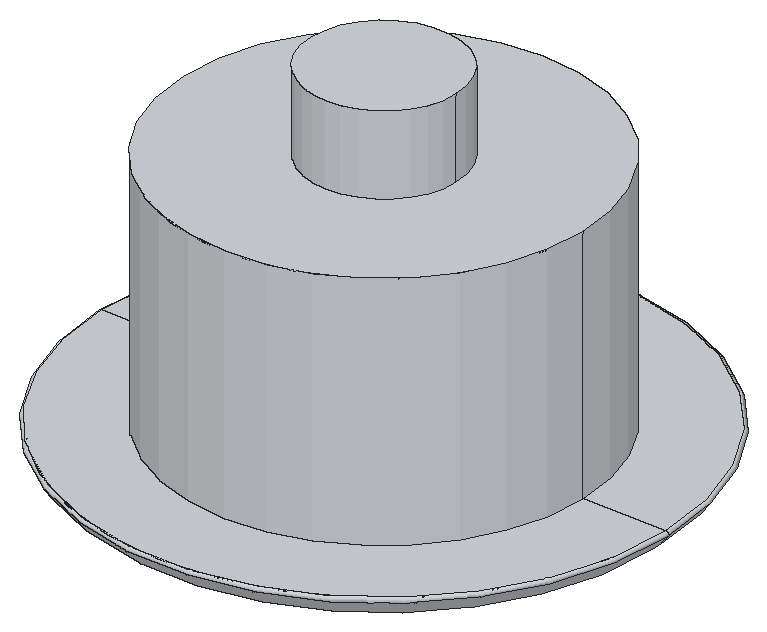
Revit family
Parameters (values of type "RASCO G542 CONCEALED")
  Temperature Rating = 165 °F
  Response = 1
  RASCO SIN # = "RA3413"
  RASCO Part # = "1916172899 & 6887011308"
  Pressure Rating = "175 PSI"
  Pressure Class = (empty or 0)
  Orifice Size = 7/16"
  Orifice = (empty or 0)
  Model = "G542 Concealed Pendent"
  Manufacturer = "RASCO"
  K-Factor = 4.2
  Diameter = 5 5/128"
  Description = "WHITE FINISH"
  Coverage = (empty or 0)
Reference planes (in)
  plane 1 "Center (Front/Back)": y = 0
  plane 2: z = 0
  plane 3 "Center (Left/Right)": x = 0
Nested families (in)
  nested 1: "RASCO- G542" at (0, 3.16547, 0), type "RASCO G5 CONCEALED"
Connectors (in)
  piping at (0, 3.16547, 2.026), driven by "Orifice Size"
    settings: on nested 1, index 1, connector radius 7/16", flow factor 0, pipe flow 0 GPM, pressure drop 0.00 psi, fitting loss kfactor 0, connector angle 0.00°, fixture units 0, flow configuration 0, flow direction 0, fitting loss method 0, system type 7, connector reference index -1, connector utility 0, adjustable connector no, is connector primary yes, fitting loss table "", connector description ""
Definition of nested family "RASCO- G542"
  Parameters (values of type "RASCO G5 CONCEALED")
    Type Comments = ""
    Temperature Rating = 0 °F
    Response = (empty or 0)
    Pressure Rating = "0"
    Pressure Class = (empty or 0)
    Orifice Size = 0"
    Orifice = (empty or 0)
    Model = ""
    Manufacturer = ""
    K-Factor = 0
    Coverage = (empty or 0)
    Assembly Code = ""
  Reference planes (in)
    plane 1 "Center (Front/Back)": y = 0
    plane 2: z = 0
    plane 3 "Center (Left/Right)": x = 0
    plane 4 "ref.2": z = 0.181
    plane 5 "ref.3": z = 2.151
  Forms (in)
    Extrusion 1, solid
      sketch origin (0, 0, 0.181) x (-1, 0, 0) y (0, -1, 0)
        loop
          circle (0, 0) r 1.156
      from 0 to 1.388
    Extrusion 2, solid
      sketch origin (0, 0, 1.26779) x (-1, 0, 0) y (0, -1, 0)
        loop
          circle (0, 0) r 0.42
      from 0.30121 to 0.75821
    Revolve 3, solid
      sketch origin (0, 0, 0) x (1, 0, 0) y (0, 0, 1)
        loop
          line (0, 0.181) -> (-1.6354, 0.181)
          arc (-1.6354, 0.181) -> (-1.64866, 0.17328) -> (-1.64851, 0.15794) r 0.01525
          arc (-1.64851, 0.15794) -> (-1.53047, 0.04225) -> (-1.37067, 0) r 0.32334
          line (-1.37067, 0) -> (0, 0) -> (0, 0.181)
        axis (0, 0.181) -> (0, 0)
      angle from 0 to 360
